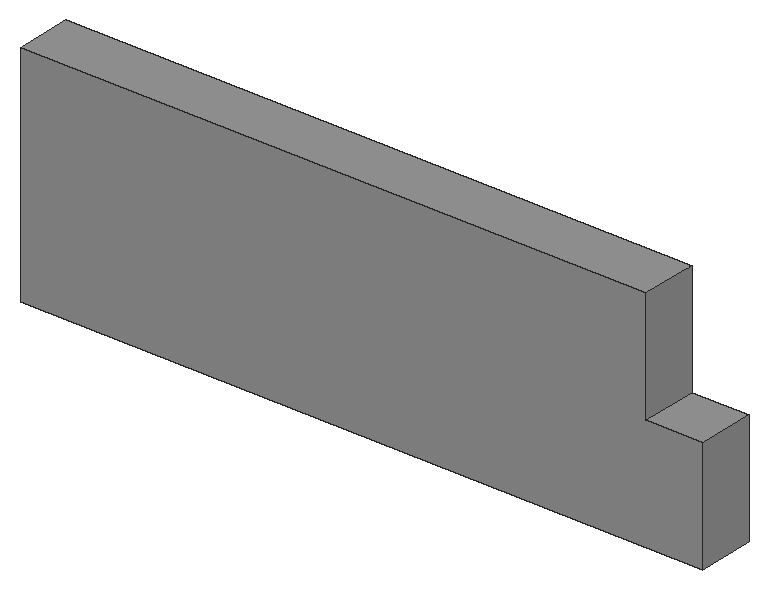
Revit family "9. Silvestre_PRecta_ESP", category Generic Models, host Wall, Revit 2015
Parameters (values of type "Stonepanel® SKY Silvestre. 20 cm - 60 cm")
  Ventajas de Stonepanel = "Eficaz: Instalación ágil y sencilla : 10 veces más rápido que la mampostería tradicional (Ritmo medio de colocación de 20 m2/día). Mayor rentabilidad gracias al menor desperdicio de material en obra y a la durabilidad de un producto natural frente a otros revestimientos. La colocación de los paneles no requiere mano de obra ni maquinaria especializada.\r\nSeguro: Un sistema de anclaje patentado, de acero inoxidable, que permite su instalación a más de 2 metros de altura. Base de cemento homogénea y rugosa que garantiza la adhesión y permite el corte sin desprendimiento.\r\nCalidad: Control permanente del proceso de producción desde la oficina I+D+I. Una cuidada selección de piedra natural realizada por los expertos de CUPASTONE. Disponibilidad de piezas especiales para adaptarse perfectamente a cada edificio: esquinas (macizas, rectas, dobles o para ventanas), cubremuros, y otros complementarios.\r\nEstética: Forma de “S” que evita la visión de las juntas para homogenizar el aspecto final. Gran variedad de paneles para elegir entre colores y acabados de piedra natural. La propia belleza y exclusividad de la piedra natural: Cada piedra es\r\núnica."
  Usos Indicados = "Revestimiento de Paredes exteriores e interiores en edificaciones nuevas o rehabilitaciones"
  Uniclass 2015 = "Pr_25_71_14_56 Natural stone panels"
  Uniclass 2 = "Pr_25_71_14_56 Natural stone panels"
  URL = "http://www.cupastone.es/producto/stonepanel-silvestre/"
  Sistema de anclaje = "Cinta perforada en acero inoxidable:\r\n- Naturaleza del acero: AISI 316 (1.4401) o AISI 304 (1.4301)\r\n- Espesor mínimo (mm) : 0,7\r\n- Ancho (mm) : 12 a 15\r\n- Diámetro del hueco (mm) : 6 ± 1\r\n\r\nTacos:\r\nLa elección de los tacos y clavijas de fijación debe ser realizada teniendo en cuenta la acción en depresión del viento (muros exteriores) y de la resistencia de los tacos en el soporte, en función de la naturaleza del soporte."
  Resistencia al fuego = "No combustible"
  Resistencia a la flexión = "-"
  Resistencia al hielo = "Sin alteraciones despues de 50 ciclos"
  Resistencia = "Buena resistencia"
  Peso = "10,3 kg"
  Oxidación = "No oxida"
  Otros datos de interés del producto = "Dispone de un anclaje para instalar a alturas superiores a 2 metros"
  Omniclass = "23-15 15 15 11"
  Número de serie = "SPZ-55N"
  NBS Reference = "45-25-45/380 Natural stone panels"
  Model = "Stonepanel® SKY Silvestre"
  Material = "Panel de piedra gneis clara y homogénea de acabado rústico. Perfecta para decorar fachadas o paredes con un toque tradicional."
  Limpieza = "En general, los paneles no requieren mantenimiento y son auto- limpiantes, pero la eliminación de algunos tipos de marcas pueden requerir un tratamiento especializado.\r\nEn caso de suciedad anormal, la superficie puede limpiarse con una mezcla / detergente doméstico y agua caliente , aplicada con una almohadilla de limpieza adecuado o una esponja."
  Largo = 600 mm
  Impacto = "-"
  Type Image = <None>
  Formato = "600x200"
  Forma de suministro = "Los paneles se presentan en parejas, en un embalaje plástico o en cajas de cartón de 3 o 4 piezas."
  Forma = "Forma de \"s\""
  Manufacturer = "Cupastone"
  Envejecimiento por cambio térmicos = "Sin alteraciones después de 20 ciclos."
  Ensayos realizados por SINTEF = "Ensayo a los materiales de piedra, Ensayos a los paneles, Durabilidad y absorción de agua"
  Ensayos realizados por DIBt = "Adherencia entre piedra y mortero, Adherencia entre piedra y mortero tras 50 ciclos de hielo-deshielo"
  Ensayos realizados por BBA = "Resistencia a daños por heladicidad, Resistencia a choque térmico, Adherencia entre piedra y mortero, Resistencia al arrancamiento del anclaje, Resistencia a impacto"
  Ensayos realizados por Avis Technique = "Resistencia mecánica del anclaje, Resistencia mecánica de la cinta de seguridad, Ensayo de durabilidad tras la acción del agua, Ensayo de durabilidad tras la acción del hielo, Ensayo sísmico"
  Durabilidad = "Según el certificado BBA, el sistema tiene una vida de diseño superior a 30 años."
  Detalles constructivos = "Detalles de:\r\n- Instalación con perfil metálico\r\n- Instalación de Stonepanel\r\n- Instalación en muro interior\r\n- Instalación del elemento de seguridad (cinta perforada + tacos)\r\n- Esquinas entrantes\r\n- Esquinas salientes\r\n- Esquinas salientes pre-fabricadas\r\n- Esquinas salientes mediante serrado del panel\r\n- Esquinas salientes sin continuidad de Stonepanel (caso de una fachada lateral)\r\n- Bordes superiores\r\n- Sobre parapeto\r\n- Marco de vano"
  Desfase de altura = 0 mm
  Description = "Pieza de piedra natural montada sobre una base de cemento y reforzada con una malla de fibra de vidrio .\r\nPosee sistema de anclaje patentado, de acero inoxidable, que permite su instalación a más de 2 metros de altura"
  Densidad aparente = "96 kg/m2"
  Color secundario = "Gris"
  Color principal = "Beige"
  Certificaciones = "BBA - Reino Unido, Avis Technique - Francia, DIBt - Alemania, SINTEF - Noruega"
  Aspecto = "Tradicional"
  Ancho = 50 mm
  Alto = 200 mm
  Adherencia del mortero = ">1N/mm2"
  Acabado = "Natural (Opción de acabado Vintage SPZ 55TH)"
  Absorción = "Baja absorción"
Types (2): name
  Stonepanel® SKY Silvestre
  Stonepanel® SKY Silvestre. 20 cm - 60 cm
Reference planes
  plane 1 "Muro": y = 0
  plane 2 "Centro (Izquierda/Derecha)": x = 125
  plane 3 "Posterior": y = 75
Forms (mm)
  Extrusion 1, solid, material "Stonepanel® SKY Silvestre"
    sketch origin (0, 160, 1120) x (1, 0, 0) y (0, 0, 1)
      loop
        line (125, -1120) -> (125, -1020) -> (75, -1020) -> (75, -920) -> (-475, -920) -> (-475, -1120) -> (125, -1120)
    from 35 to 85
Text (mm)
  text "Cara de colocación" at (-1848.837, 1116.779, 0), in view "Nivel de referencia"
  text "Cara de colocación" at (0, 1409.804, 2854.306), in view "Izquierda"
  text "Cara de colocación" at (0, 499.811, 2980.732), in view "Derecha"
Dimensions and locks
  locked: plane 3 "Posterior" to host wall
  locked: Extrusion 1 to plane 3 "Posterior" at 0
  "Ancho": Extrusion 1 to Extrusion 1
  "Largo": Extrusion 1 to Extrusion 1
  locked: Extrusion 1 to Extrusion 1 at 100
  "Desfase de altura": level to Extrusion 1
  locked: Extrusion 1 to Extrusion 1 at 50
  "Alto": Extrusion 1 to Extrusion 1
  aligned and locked: plane 1 "Muro" to host wall
Automatic sketch dimensions
  Extrusion 1 sketch curve to level = 0 mm
  Extrusion 1 sketch curve to plane 2 "Centro (Izquierda/Derecha)" = 0 mm
  Extrusion 1 sketch curve to plane 2 "Centro (Izquierda/Derecha)" = 50 mm
  level to Extrusion 1 sketch curve = 200 mm
  Extrusion 1 sketch curve to Extrusion 1 sketch curve = 550 mm
  level to Extrusion 1 sketch curve = 100 mm
